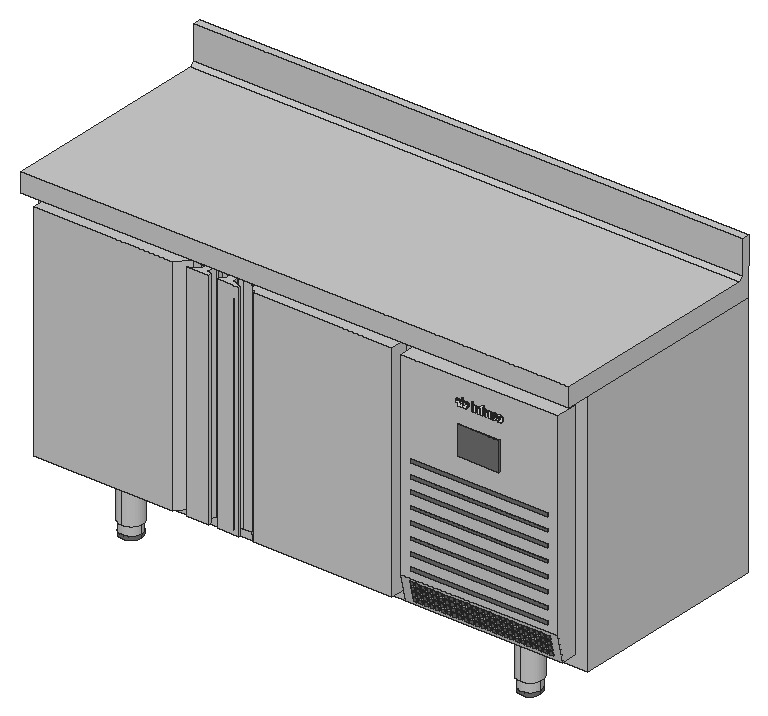
Revit family "QF_INFRICO_BMPP1500II_250808034103", category Specialty Equipment, Revit 2021
Family settings
  Round Connector Dimension = Use Diameter
  Part Type = Normal
  OmniClass Number = 23.40.40.14
  OmniClass Title = Food Service Equipment
  Work Plane-Based = No
  Always vertical = Yes
  Cut with Voids When Loaded = No
  Shared = No
  Room Calculation Point = No
Parameters (values of type "BMPP1500II-R290")
  Weight [instance] = 107.00 kg
  Waste Water Discharge Temperature [instance] = 0 °C
  Waste Remarks [instance] = ""
  Warranty Start Date [instance] = ""
  Warranty Duration [instance] = ""
  Volts [instance] = 230 V
  Volt Free Conn [instance] = no
  URL Recommended Spares List [instance] = ""
  URL Manufacturer [instance] = ""
  URL Cutsheet [instance] = ""
  URL Critical Spares List [instance] = ""
  URL = "www.infrico.com"
  Technical Documentation [instance] = ""
  Tag Number [instance] = ""
  Status [instance] = ""
  Start Up Current [instance] = 0 A
  Specification by User [instance] = ""
  Specification by Manufacturer [instance] = ""
  Sound Level [instance] = ""
  Show Logo [instance] = yes
  Show Clearances [instance] = yes
  Service Life Duration [instance] = ""
  Serial Number [instance] = ""
  Seismic Rating [instance] = ""
  SMACNA No [instance] = ""
  Revision Code [instance] = ""
  Revision [instance] = ""
  Production Year [instance] = ""
  Potential Equalisation [instance] = no
  Point Load [instance] = 0
  Plumbing Connection Type [instance] = ""
  Phase [instance] = 1
  Other Equipment Approvals [instance] = ""
  Operational Current [instance] = 0 A
  Number of Poles [instance] = 2
  No Load Power Draw [instance] = no
  NAFEM Spec ID Number [instance] = ""
  Model Warning [instance] = ""
  Model = "BMPP1500II"
  Min Ckt Ampacity [instance] = 0 A
  Max Overcurrent Protection [instance] = 0 A
  Masterspec [instance] = ""
  Manufacturer = "INFRICO"
  Main switch integrated [instance] = no
  Length Actual [instance] = 1468 mm
  Item Number [instance] = ""
  Installed By [instance] = ""
  Installation Date [instance] = ""
  Indirect Waste Size [instance] = 19.05 mm
  Indirect Waste Remarks [instance] = ""
  Indirect Waste Flow [instance] = 0.0 L/s
  Indirect Waste Connection Type [instance] = ""
  Indirect Waste Connection Height [instance] = 0 mm
  Identify Quantity as Lot [instance] = no
  ID [instance] = ""
  Hygiene Approval [instance] = ""
  Height Actual [instance] = 850 mm
  HP power [instance] = ""
  Furnished By [instance] = ""
  Foodservice Equipment Identifier [instance] = no
  FL Amps [instance] = 0 A
  Electrical Remarks [instance] = ""
  Electric power [instance] = 190 W
  Electric Connection Type [instance] = ""
  Elec Conn RI Height [instance] = 0 mm
  Elec Conn Connection Height [instance] = 0 mm
  ETL Approved [instance] = no
  Direct Waste Water Discharge Temperature [instance] = -273.15 °C
  Direct Waste Size [instance] = 19.05 mm
  Direct Waste RI Height [instance] = 0 mm
  Direct Waste Flow [instance] = 0.0 L/s
  Direct Waste Connection Height [instance] = 0 mm
  Description = "UNDERCOUNTER REFRIGERATOR 600 SERIES - R290"
  Depth Actual [instance] = 600 mm
  Default Elevation = 0 mm
  Cycle [instance] = 50 Hz
  Cost = 0
  Connection to energy optimisation system [instance] = yes
  Conn Plug [instance] = ""
  Conn Conduit [instance] = no
  Centralized building control system with digital interface [instance] = ""
  CSI MasterFormat [instance] = ""
  CE Approved [instance] = no
  Barcode [instance] = 0
  Author [instance] = ""
  Asset Identifier [instance] = ""
  Apparent Power [instance] = 190 VA
  Accessory [instance] = no
Reference planes
  plane 1 "Center (Front/Back)": y = 0
  plane 2: z = 0
  plane 3 "Center (Left/Right)": x = 0
Forms (mm)
  Extrusion 1, solid, not visible
    sketch origin (540.026, -112.005, 142.007) x (1, 0, 0) y (0, 1, 0)
      loop
        line (-2, 2) -> (-2, -2) -> (2, -2) -> (2, 2) -> (-2, 2)
    from -2 to 2
  Extrusion 2, solid, not visible
    sketch origin (1406.569, -61.503, 142.007) x (1, 0, 0) y (0, 1, 0)
      loop
        line (-2, 2) -> (-2, -2) -> (2, -2) -> (2, 2) -> (-2, 2)
    from -2 to 2
Dimensions and locks
  locked: nested 2 to Extrusion 1 at 2  (x2)
  locked: nested 3 to Extrusion 2 at 2  (x2)
  aligned and locked: level to plane 2
Nested families
  nested 1: "QF_INFRICO_BMPP1500_2920" at (0, 0, 140), type "BMPP1500II-R290"
    with Weight 107.00 kg, Warranty Start Date "", Warranty Duration "", URL Cutsheet "", Technical Documentation "", Tag Number "", Status "", Specification by User "", Specification by Manufacturer "", Sound Level "", Solid Fuel Type "", Show Logo yes, Show Clearances yes, Show Clearance yes, Service Life Duration "", Serial Number "", Seismic Rating "", SMACNA No "", Revision Code "", Revision "", Production Year "", Point Load 0, Other Equipment Approvals "", NAFEM Spec ID Number "", Model Warning "", Masterspec "", Length Actual 1468 mm, Item Number "", Installed By "", Installation Date "", Identify Quantity as Lot yes, ID "", Hygiene Approval "", Height Actual 850 mm, Furnished By "", Foodservice Equipment Identifier yes, ETL Approved yes, Depth Actual 600 mm, CSI MasterFormat "", CE Approved no, Barcode "", Author "", Asset Identifier "", Accessory no
  nested 2: "CONN_POINT_DRAIN_2D___Generic_Annotation" at (540.026, -112.005, 140.007), type "CONN_POINT_DRAIN_2D___Generic_Annotation"
    with Onboard connection annotation symbol visibility yes
  nested 3: "CONN_POINT_ELE_2D___Generic_Annotation" at (1406.569, -61.503, 140.007), type "CONN_POINT_ELE_2D___Generic_Annotation"
    with Onboard connection annotation symbol visibility yes
  nested 4: "QF_INFRICO_BMGN_DOOR_SX_4844" at (22, -538, 168), type "BMGN_DOOR_SX"
    with Weight 0.00 kg, Warranty Start Date "", Warranty Duration "", URL Cutsheet "", Technical Documentation "", Tag Number "", Status "", Specification by User "", Specification by Manufacturer "", Sound Level "", Solid Fuel Type "", Show Logo yes, Show Clearances yes, Show Clearance yes, Service Life Duration "", Serial Number "", Seismic Rating "", SMACNA No "", Revision Code "", Revision "", Production Year "", Point Load 0, Other Equipment Approvals "", NAFEM Spec ID Number "", Model Warning "", Masterspec "", Length Actual 467 mm, Item Number "", Installed By "", Installation Date "", Identify Quantity as Lot yes, ID "", Hygiene Approval "", Height Actual 597 mm, Furnished By "", Foodservice Equipment Identifier yes, ETL Approved yes, Depth Actual 54 mm, CSI MasterFormat "", CE Approved no, Barcode "", Author "", Asset Identifier "", Accessory yes
  nested 5: "QF_INFRICO_BMGN_DOOR_DX_5625" at (514, -538, 168), type "BMGN_DOOR_DX"
    with Weight 0.00 kg, Warranty Start Date "", Warranty Duration "", URL Cutsheet "", Technical Documentation "", Tag Number "", Status "", Specification by User "", Specification by Manufacturer "", Sound Level "", Solid Fuel Type "", Show Logo yes, Show Clearances yes, Show Clearance yes, Service Life Duration "", Serial Number "", Seismic Rating "", SMACNA No "", Revision Code "", Revision "", Production Year "", Point Load 0, Other Equipment Approvals "", NAFEM Spec ID Number "", Model Warning "", Masterspec "", Length Actual 467 mm, Item Number "", Installed By "", Installation Date "", Identify Quantity as Lot yes, ID "", Hygiene Approval "", Height Actual 597 mm, Furnished By "", Foodservice Equipment Identifier yes, ETL Approved yes, Depth Actual 54 mm, CSI MasterFormat "", CE Approved no, Barcode "", Author "", Asset Identifier "", Accessory yes
  nested 6: "QF_INFRICO_WORKTOP_BACKSPLASH_6402" at (0, 0, 800), type "ENC12CPBM15"
    with Weight 0.00 kg, Warranty Start Date "", Warranty Duration "", URL Cutsheet "", Technical Documentation "", Tag Number "", Status "", Specification by User "", Specification by Manufacturer "", Sound Level "", Solid Fuel Type "", Show Logo yes, Show Clearances yes, Show Clearance yes, Service Life Duration "", Serial Number "", Seismic Rating "", SMACNA No "", Revision Code "", Revision "", Production Year "", Point Load 0, Other Equipment Approvals "", NAFEM Spec ID Number "", Model Warning "", Masterspec "", Length Actual 1468 mm, Item Number "", Installed By "", Installation Date "", Identify Quantity as Lot yes, ID "", Hygiene Approval "", Height Actual 150 mm, Furnished By "", Foodservice Equipment Identifier yes, ETL Approved yes, Depth Actual 600 mm, CSI MasterFormat "", CE Approved no, Barcode "", Author "", Asset Identifier "", Accessory yes
  nested 7: "QF_INFRICO_LEGS_7238" at (0, 0, 0), type "LEGS_1470_600"
    with Weight 0.00 kg, Warranty Start Date "", Warranty Duration "", URL Cutsheet "", Technical Documentation "", Tag Number "", Status "", Specification by User "", Specification by Manufacturer "", Sound Level "", Solid Fuel Type "", Show Logo yes, Show Clearances yes, Show Clearance yes, Service Life Duration "", Serial Number "", Seismic Rating "", SMACNA No "", Revision Code "", Revision "", Production Year "", Point Load 0, Other Equipment Approvals "", NAFEM Spec ID Number "", Model Warning "", Masterspec "", Length Actual 1468 mm, Item Number "", Installed By "", Installation Date "", Identify Quantity as Lot yes, ID "", Hygiene Approval "", Height Actual 140 mm, Furnished By "", Foodservice Equipment Identifier yes, ETL Approved yes, Depth Actual 600 mm, CSI MasterFormat "", CE Approved no, Barcode "", Author "", Asset Identifier "", Accessory yes
Connectors
  piping at (540.026, -112.005, 140.007), diameter 19.05, driven by "Indirect Waste Size", driven by "Direct Waste Flow"
    settings: on Extrusion 1, index 1, connector inside diameter 609.6 mm, connector length 0 mm, flow factor 0, pipe flow 0.0 L/s, pressure drop 0.0 Pa, fitting loss kfactor 0, connector angle 0.00°, fixture units 0, engagement length 0 mm, angle of deflection 0.00°, flow configuration 1, flow direction 2, fitting loss method 0, system type 16, joint type 0, gender type 0, connector reference index -1, connector utility 0, adjustable connector no, is connector primary yes, connector description "Waste connection for BMPP1500II"
  electrical at (1406.569, -61.503, 140.007), driven by "Apparent Power", driven by "Number of Poles", driven by "Volts"
    settings: on Extrusion 2, index 2, voltage 230 V, apparent load 0 VA, apparent load phase1 190 VA, apparent load phase2 0 VA, apparent load phase3 0 VA, power factor 1, load classification "Other", number of poles 2, system type 31, power factor state 1, is connector primary yes, connector utility no, sub classification motor no, connector description "Electrical connection for BMPP1500II"
Definition of nested family "QF_INFRICO_BMPP1500_2920"
  Parameters (values of type "BMPP1500BT")
    Weight [instance] = 0.00 kg
    Warranty Start Date [instance] = ""
    Warranty Duration [instance] = ""
    URL Cutsheet [instance] = ""
    URL = "www.infrico.com"
    Technical Documentation [instance] = ""
    Tag Number [instance] = ""
    Status [instance] = ""
    Specification by User [instance] = ""
    Specification by Manufacturer [instance] = ""
    Sound Level [instance] = ""
    Solid Fuel Type [instance] = ""
    Show Logo [instance] = yes
    Show Clearances [instance] = yes
    Show Clearance [instance] = yes
    Service Life Duration [instance] = ""
    Serial Number [instance] = ""
    Seismic Rating [instance] = ""
    SMACNA No [instance] = ""
    Revision Code [instance] = ""
    Revision [instance] = ""
    Production Year [instance] = ""
    Point Load [instance] = 0
    Other Equipment Approvals [instance] = ""
    NAFEM Spec ID Number [instance] = ""
    Model Warning [instance] = ""
    Model = "BMPP1500BT"
    Masterspec [instance] = ""
    Manufacturer = "INFRICO"
    Length Actual [instance] = 0 mm
    Item Number [instance] = ""
    Installed By [instance] = ""
    Installation Date [instance] = ""
    Identify Quantity as Lot [instance] = yes
    ID [instance] = ""
    Hygiene Approval [instance] = ""
    Height Actual [instance] = 0 mm
    Furnished By [instance] = ""
    Foodservice Equipment Identifier [instance] = yes
    ETL Approved [instance] = yes
    Description = "UNDERCOUNTER FREEZER 600 SERIES - R290"
    Depth Actual [instance] = 0 mm
    Default Elevation = 0 mm
    CSI MasterFormat [instance] = ""
    CE Approved [instance] = yes
    Barcode [instance] = ""
    Author [instance] = ""
    Asset Identifier [instance] = ""
    Assembly Code = "E1090320"
    Accessory [instance] = yes
  Types (6, lengths in mm): name | Model | Description
    BMPP1500II | "BMPP1500II" | "UNDERCOUNTER REFRIGERATOR 600 SERIES - R134A"
    BMPP1500BT | "BMPP1500BT" | "UNDERCOUNTER FREEZER 600 SERIES - R290"
    BMPP1500CR | "BMPP1500CR" | "GLASS DOOR UNDERCOUNTER REFRIGERATOR 600 SERIES - R134A"
    BMPPF1500II | "BMPPF1500II" | "SINK UNDERCOUNTER REFRIGERATOR 600 SERIES - R134A"
    BMPP1500II-R290 | "BMPP1500II" | "UNDERCOUNTER REFRIGERATOR 600 SERIES - R290"
    BMPPF1500II-R290 | "BMPPF1500II" | "SINK UNDERCOUNTER REFRIGERATOR 600 SERIES - R290"
  Reference planes
    plane 1 "Back": y = 0
    plane 2: z = 0
    plane 3 "Left": x = 0
    plane 4 "Right": x = 1468
    plane 5 "Front": y = -600
    plane 6 "Top": z = 660
  Forms (mm)
    Extrusion 1, solid
      sketch origin (0, 100, -140) x (0, 1, 0) y (0, 0, 1)
        loop
          line (-638.02, 765.292) -> (-695.03, 765.292) -> (-695.03, 238.436) -> (-678.769, 168) -> (-638.02, 168) -> (-638.02, 765.292)
      from 1013.993 to 1433.993
    Extrusion 2, solid
      sketch origin (-2000, -593.13, -140) x (1, 0, 0) y (0, 0, 1)
        loop
          line (3408.016, 523.949) -> (3040.73, 523.949) -> (3040.73, 514.949) -> (3408.016, 514.949) -> (3408.016, 523.949)
        loop
          line (3408.016, 486.949) -> (3040.73, 486.949) -> (3040.73, 477.949) -> (3408.016, 477.949) -> (3408.016, 486.949)
        loop
          line (3408.016, 449.949) -> (3040.73, 449.949) -> (3040.73, 440.949) -> (3408.016, 440.949) -> (3408.016, 449.949)
        loop
          line (3408.016, 412.949) -> (3040.73, 412.949) -> (3040.73, 403.949) -> (3408.016, 403.949) -> (3408.016, 412.949)
        loop
          line (3408.016, 375.949) -> (3040.73, 375.949) -> (3040.73, 366.949) -> (3408.016, 366.949) -> (3408.016, 375.949)
        loop
          line (3408.016, 338.949) -> (3040.73, 338.949) -> (3040.73, 329.949) -> (3408.016, 329.949) -> (3408.016, 338.949)
        loop
          line (3408.016, 301.949) -> (3040.73, 301.949) -> (3040.73, 292.949) -> (3408.016, 292.949) -> (3408.016, 301.949)
        loop
          line (3408.016, 264.949) -> (3040.73, 264.949) -> (3040.73, 255.949) -> (3408.016, 255.949) -> (3408.016, 264.949)
      from 0 to 2
    Extrusion 3, solid
      sketch origin (-2000, -539.263, -134.673) x (1, 0, 0) y (0, -0.224951, 0.97437)
        loop
          line (3036.73, 215.974) -> (3036.73, 205.974) -> (3046.73, 205.974) -> (3046.73, 215.974) -> (3036.73, 215.974)
        loop
          line (3036.73, 230.769) -> (3036.73, 220.769) -> (3046.73, 220.769) -> (3046.73, 230.769) -> (3036.73, 230.769)
        loop
          line (3036.73, 186.385) -> (3036.73, 176.385) -> (3046.73, 176.385) -> (3046.73, 186.385) -> (3036.73, 186.385)
        loop
          line (3036.73, 201.179) -> (3036.73, 191.179) -> (3046.73, 191.179) -> (3046.73, 201.179) -> (3036.73, 201.179)
        loop
          line (3051.938, 215.974) -> (3051.938, 205.974) -> (3061.938, 205.974) -> (3061.938, 215.974) -> (3051.938, 215.974)
        loop
          line (3051.938, 230.769) -> (3051.938, 220.769) -> (3061.938, 220.769) -> (3061.938, 230.769) -> (3051.938, 230.769)
        loop
          line (3051.938, 186.385) -> (3051.938, 176.385) -> (3061.938, 176.385) -> (3061.938, 186.385) -> (3051.938, 186.385)
        loop
          line (3051.938, 201.179) -> (3051.938, 191.179) -> (3061.938, 191.179) -> (3061.938, 201.179) -> (3051.938, 201.179)
        loop
          line (3067.147, 215.974) -> (3067.147, 205.974) -> (3077.147, 205.974) -> (3077.147, 215.974) -> (3067.147, 215.974)
        loop
          line (3067.147, 230.769) -> (3067.147, 220.769) -> (3077.147, 220.769) -> (3077.147, 230.769) -> (3067.147, 230.769)
        loop
          line (3067.147, 186.385) -> (3067.147, 176.385) -> (3077.147, 176.385) -> (3077.147, 186.385) -> (3067.147, 186.385)
        loop
          line (3067.147, 201.179) -> (3067.147, 191.179) -> (3077.147, 191.179) -> (3077.147, 201.179) -> (3067.147, 201.179)
        loop
          line (3082.355, 215.974) -> (3082.355, 205.974) -> (3092.355, 205.974) -> (3092.355, 215.974) -> (3082.355, 215.974)
        loop
          line (3082.355, 230.769) -> (3082.355, 220.769) -> (3092.355, 220.769) -> (3092.355, 230.769) -> (3082.355, 230.769)
        loop
          line (3082.355, 186.385) -> (3082.355, 176.385) -> (3092.355, 176.385) -> (3092.355, 186.385) -> (3082.355, 186.385)
        loop
          line (3082.355, 201.179) -> (3082.355, 191.179) -> (3092.355, 191.179) -> (3092.355, 201.179) -> (3082.355, 201.179)
        loop
          line (3097.563, 215.974) -> (3097.563, 205.974) -> (3107.563, 205.974) -> (3107.563, 215.974) -> (3097.563, 215.974)
        loop
          line (3097.563, 230.769) -> (3097.563, 220.769) -> (3107.563, 220.769) -> (3107.563, 230.769) -> (3097.563, 230.769)
        loop
          line (3097.563, 186.385) -> (3097.563, 176.385) -> (3107.563, 176.385) -> (3107.563, 186.385) -> (3097.563, 186.385)
        loop
          line (3097.563, 201.179) -> (3097.563, 191.179) -> (3107.563, 191.179) -> (3107.563, 201.179) -> (3097.563, 201.179)
        loop
          line (3112.772, 215.974) -> (3112.772, 205.974) -> (3122.772, 205.974) -> (3122.772, 215.974) -> (3112.772, 215.974)
        loop
          line (3112.772, 230.769) -> (3112.772, 220.769) -> (3122.772, 220.769) -> (3122.772, 230.769) -> (3112.772, 230.769)
        loop
          line (3112.772, 186.385) -> (3112.772, 176.385) -> (3122.772, 176.385) -> (3122.772, 186.385) -> (3112.772, 186.385)
        loop
          line (3112.772, 201.179) -> (3112.772, 191.179) -> (3122.772, 191.179) -> (3122.772, 201.179) -> (3112.772, 201.179)
        loop
          line (3127.98, 215.974) -> (3127.98, 205.974) -> (3137.98, 205.974) -> (3137.98, 215.974) -> (3127.98, 215.974)
        loop
          line (3127.98, 230.769) -> (3127.98, 220.769) -> (3137.98, 220.769) -> (3137.98, 230.769) -> (3127.98, 230.769)
        loop
          line (3127.98, 186.385) -> (3127.98, 176.385) -> (3137.98, 176.385) -> (3137.98, 186.385) -> (3127.98, 186.385)
        loop
          line (3127.98, 201.179) -> (3127.98, 191.179) -> (3137.98, 191.179) -> (3137.98, 201.179) -> (3127.98, 201.179)
        loop
          line (3143.188, 215.974) -> (3143.188, 205.974) -> (3153.188, 205.974) -> (3153.188, 215.974) -> (3143.188, 215.974)
        loop
          line (3143.188, 230.769) -> (3143.188, 220.769) -> (3153.188, 220.769) -> (3153.188, 230.769) -> (3143.188, 230.769)
        loop
          line (3143.188, 186.385) -> (3143.188, 176.385) -> (3153.188, 176.385) -> (3153.188, 186.385) -> (3143.188, 186.385)
        loop
          line (3143.188, 201.179) -> (3143.188, 191.179) -> (3153.188, 191.179) -> (3153.188, 201.179) -> (3143.188, 201.179)
        loop
          line (3158.397, 215.974) -> (3158.397, 205.974) -> (3168.397, 205.974) -> (3168.397, 215.974) -> (3158.397, 215.974)
        loop
          line (3158.397, 230.769) -> (3158.397, 220.769) -> (3168.397, 220.769) -> (3168.397, 230.769) -> (3158.397, 230.769)
        loop
          line (3158.397, 186.385) -> (3158.397, 176.385) -> (3168.397, 176.385) -> (3168.397, 186.385) -> (3158.397, 186.385)
        loop
          line (3158.397, 201.179) -> (3158.397, 191.179) -> (3168.397, 191.179) -> (3168.397, 201.179) -> (3158.397, 201.179)
        loop
          line (3173.605, 215.974) -> (3173.605, 205.974) -> (3183.605, 205.974) -> (3183.605, 215.974) -> (3173.605, 215.974)
        loop
          line (3173.605, 230.769) -> (3173.605, 220.769) -> (3183.605, 220.769) -> (3183.605, 230.769) -> (3173.605, 230.769)
        loop
          line (3173.605, 186.385) -> (3173.605, 176.385) -> (3183.605, 176.385) -> (3183.605, 186.385) -> (3173.605, 186.385)
        loop
          line (3173.605, 201.179) -> (3173.605, 191.179) -> (3183.605, 191.179) -> (3183.605, 201.179) -> (3173.605, 201.179)
        loop
          line (3188.813, 215.974) -> (3188.813, 205.974) -> (3198.813, 205.974) -> (3198.813, 215.974) -> (3188.813, 215.974)
        loop
          line (3188.813, 230.769) -> (3188.813, 220.769) -> (3198.813, 220.769) -> (3198.813, 230.769) -> (3188.813, 230.769)
        loop
          line (3188.813, 186.385) -> (3188.813, 176.385) -> (3198.813, 176.385) -> (3198.813, 186.385) -> (3188.813, 186.385)
        loop
          line (3188.813, 201.179) -> (3188.813, 191.179) -> (3198.813, 191.179) -> (3198.813, 201.179) -> (3188.813, 201.179)
        loop
          line (3204.022, 215.974) -> (3204.022, 205.974) -> (3214.022, 205.974) -> (3214.022, 215.974) -> (3204.022, 215.974)
        loop
          line (3204.022, 230.769) -> (3204.022, 220.769) -> (3214.022, 220.769) -> (3214.022, 230.769) -> (3204.022, 230.769)
        loop
          line (3204.022, 186.385) -> (3204.022, 176.385) -> (3214.022, 176.385) -> (3214.022, 186.385) -> (3204.022, 186.385)
        loop
          line (3204.022, 201.179) -> (3204.022, 191.179) -> (3214.022, 191.179) -> (3214.022, 201.179) -> (3204.022, 201.179)
        loop
          line (3219.23, 215.974) -> (3219.23, 205.974) -> (3229.23, 205.974) -> (3229.23, 215.974) -> (3219.23, 215.974)
        loop
          line (3219.23, 230.769) -> (3219.23, 220.769) -> (3229.23, 220.769) -> (3229.23, 230.769) -> (3219.23, 230.769)
        loop
          line (3219.23, 186.385) -> (3219.23, 176.385) -> (3229.23, 176.385) -> (3229.23, 186.385) -> (3219.23, 186.385)
        loop
          line (3219.23, 201.179) -> (3219.23, 191.179) -> (3229.23, 191.179) -> (3229.23, 201.179) -> (3219.23, 201.179)
        loop
          line (3234.438, 215.974) -> (3234.438, 205.974) -> (3244.438, 205.974) -> (3244.438, 215.974) -> (3234.438, 215.974)
        loop
          line (3234.438, 230.769) -> (3234.438, 220.769) -> (3244.438, 220.769) -> (3244.438, 230.769) -> (3234.438, 230.769)
        loop
          line (3234.438, 186.385) -> (3234.438, 176.385) -> (3244.438, 176.385) -> (3244.438, 186.385) -> (3234.438, 186.385)
        loop
          line (3234.438, 201.179) -> (3234.438, 191.179) -> (3244.438, 191.179) -> (3244.438, 201.179) -> (3234.438, 201.179)
        loop
          line (3249.647, 215.974) -> (3249.647, 205.974) -> (3259.647, 205.974) -> (3259.647, 215.974) -> (3249.647, 215.974)
        loop
          line (3249.647, 230.769) -> (3249.647, 220.769) -> (3259.647, 220.769) -> (3259.647, 230.769) -> (3249.647, 230.769)
        loop
          line (3249.647, 186.385) -> (3249.647, 176.385) -> (3259.647, 176.385) -> (3259.647, 186.385) -> (3249.647, 186.385)
        loop
          line (3249.647, 201.179) -> (3249.647, 191.179) -> (3259.647, 191.179) -> (3259.647, 201.179) -> (3249.647, 201.179)
        loop
          line (3264.855, 215.974) -> (3264.855, 205.974) -> (3274.855, 205.974) -> (3274.855, 215.974) -> (3264.855, 215.974)
        loop
          line (3264.855, 230.769) -> (3264.855, 220.769) -> (3274.855, 220.769) -> (3274.855, 230.769) -> (3264.855, 230.769)
        loop
          line (3264.855, 186.385) -> (3264.855, 176.385) -> (3274.855, 176.385) -> (3274.855, 186.385) -> (3264.855, 186.385)
        loop
          line (3264.855, 201.179) -> (3264.855, 191.179) -> (3274.855, 191.179) -> (3274.855, 201.179) -> (3264.855, 201.179)
        loop
          line (3280.063, 215.974) -> (3280.063, 205.974) -> (3290.063, 205.974) -> (3290.063, 215.974) -> (3280.063, 215.974)
        loop
          line (3280.063, 230.769) -> (3280.063, 220.769) -> (3290.063, 220.769) -> (3290.063, 230.769) -> (3280.063, 230.769)
        loop
          line (3280.063, 186.385) -> (3280.063, 176.385) -> (3290.063, 176.385) -> (3290.063, 186.385) -> (3280.063, 186.385)
        loop
          line (3280.063, 201.179) -> (3280.063, 191.179) -> (3290.063, 191.179) -> (3290.063, 201.179) -> (3280.063, 201.179)
        loop
          line (3295.272, 215.974) -> (3295.272, 205.974) -> (3305.272, 205.974) -> (3305.272, 215.974) -> (3295.272, 215.974)
        loop
          line (3295.272, 230.769) -> (3295.272, 220.769) -> (3305.272, 220.769) -> (3305.272, 230.769) -> (3295.272, 230.769)
        loop
          line (3295.272, 186.385) -> (3295.272, 176.385) -> (3305.272, 176.385) -> (3305.272, 186.385) -> (3295.272, 186.385)
        loop
          line (3295.272, 201.179) -> (3295.272, 191.179) -> (3305.272, 191.179) -> (3305.272, 201.179) -> (3295.272, 201.179)
        loop
          line (3310.48, 215.974) -> (3310.48, 205.974) -> (3320.48, 205.974) -> (3320.48, 215.974) -> (3310.48, 215.974)
        loop
          line (3310.48, 230.769) -> (3310.48, 220.769) -> (3320.48, 220.769) -> (3320.48, 230.769) -> (3310.48, 230.769)
        loop
          line (3310.48, 186.385) -> (3310.48, 176.385) -> (3320.48, 176.385) -> (3320.48, 186.385) -> (3310.48, 186.385)
        loop
          line (3310.48, 201.179) -> (3310.48, 191.179) -> (3320.48, 191.179) -> (3320.48, 201.179) -> (3310.48, 201.179)
        loop
          line (3325.688, 215.974) -> (3325.688, 205.974) -> (3335.688, 205.974) -> (3335.688, 215.974) -> (3325.688, 215.974)
        loop
          line (3325.688, 230.769) -> (3325.688, 220.769) -> (3335.688, 220.769) -> (3335.688, 230.769) -> (3325.688, 230.769)
        loop
          line (3325.688, 186.385) -> (3325.688, 176.385) -> (3335.688, 176.385) -> (3335.688, 186.385) -> (3325.688, 186.385)
        loop
          line (3325.688, 201.179) -> (3325.688, 191.179) -> (3335.688, 191.179) -> (3335.688, 201.179) -> (3325.688, 201.179)
        loop
          line (3340.897, 215.974) -> (3340.897, 205.974) -> (3350.897, 205.974) -> (3350.897, 215.974) -> (3340.897, 215.974)
        loop
          line (3340.897, 230.769) -> (3340.897, 220.769) -> (3350.897, 220.769) -> (3350.897, 230.769) -> (3340.897, 230.769)
        loop
          line (3340.897, 186.385) -> (3340.897, 176.385) -> (3350.897, 176.385) -> (3350.897, 186.385) -> (3340.897, 186.385)
        loop
          line (3340.897, 201.179) -> (3340.897, 191.179) -> (3350.897, 191.179) -> (3350.897, 201.179) -> (3340.897, 201.179)
        loop
          line (3356.105, 215.974) -> (3356.105, 205.974) -> (3366.105, 205.974) -> (3366.105, 215.974) -> (3356.105, 215.974)
        loop
          line (3356.105, 230.769) -> (3356.105, 220.769) -> (3366.105, 220.769) -> (3366.105, 230.769) -> (3356.105, 230.769)
        loop
          line (3356.105, 186.385) -> (3356.105, 176.385) -> (3366.105, 176.385) -> (3366.105, 186.385) -> (3356.105, 186.385)
        loop
          line (3356.105, 201.179) -> (3356.105, 191.179) -> (3366.105, 191.179) -> (3366.105, 201.179) -> (3356.105, 201.179)
        loop
          line (3371.313, 215.974) -> (3371.313, 205.974) -> (3381.313, 205.974) -> (3381.313, 215.974) -> (3371.313, 215.974)
        loop
          line (3371.313, 230.769) -> (3371.313, 220.769) -> (3381.313, 220.769) -> (3381.313, 230.769) -> (3371.313, 230.769)
        loop
          line (3371.313, 186.385) -> (3371.313, 176.385) -> (3381.313, 176.385) -> (3381.313, 186.385) -> (3371.313, 186.385)
        loop
          line (3371.313, 201.179) -> (3371.313, 191.179) -> (3381.313, 191.179) -> (3381.313, 201.179) -> (3371.313, 201.179)
        loop
          line (3386.522, 215.974) -> (3386.522, 205.974) -> (3396.522, 205.974) -> (3396.522, 215.974) -> (3386.522, 215.974)
        loop
          line (3386.522, 230.769) -> (3386.522, 220.769) -> (3396.522, 220.769) -> (3396.522, 230.769) -> (3386.522, 230.769)
        loop
          line (3386.522, 186.385) -> (3386.522, 176.385) -> (3396.522, 176.385) -> (3396.522, 186.385) -> (3386.522, 186.385)
        loop
          line (3386.522, 201.179) -> (3386.522, 191.179) -> (3396.522, 191.179) -> (3396.522, 201.179) -> (3386.522, 201.179)
        loop
          line (3401.73, 215.974) -> (3401.73, 205.974) -> (3411.73, 205.974) -> (3411.73, 215.974) -> (3401.73, 215.974)
        loop
          line (3401.73, 230.769) -> (3401.73, 220.769) -> (3411.73, 220.769) -> (3411.73, 230.769) -> (3401.73, 230.769)
        loop
          line (3401.73, 186.385) -> (3401.73, 176.385) -> (3411.73, 176.385) -> (3411.73, 186.385) -> (3401.73, 186.385)
        loop
          line (3401.73, 201.179) -> (3401.73, 191.179) -> (3411.73, 191.179) -> (3411.73, 201.179) -> (3401.73, 201.179)
      from 0 to 2
    Extrusion 4, solid, visible <- "Show Logo"
      sketch origin (-0.986, -593.13, -140) x (1, 0, 0) y (0, 0, 1)
        loop
          line (1208.799, 696.53) -> (1208.799, 719.204) -> (1204.173, 719.204) -> (1204.173, 696.53) -> (1208.799, 696.53)
        loop
          line (1214.779, 713.006) -> (1211.283, 713.006) -> (1211.283, 696.53) -> (1215.772, 696.53) -> (1215.772, 707.832)
          arc (1215.772, 707.832) -> (1217.528, 708.741) -> (1219.417, 709.324) r 11.052
          arc (1219.417, 709.324) -> (1220.929, 708.961) -> (1221.598, 707.557) r 1.806
          line (1221.598, 707.557) -> (1221.598, 696.53) -> (1226.121, 696.53) -> (1226.121, 708.689)
          arc (1226.121, 708.689) -> (1224.637, 712.075) -> (1221.141, 713.281) r 4.607
          arc (1221.141, 713.281) -> (1218.282, 712.674) -> (1215.669, 711.361) r 11.435
          line (1215.669, 711.361) -> (1215.601, 712.184)
          arc (1215.601, 712.184) -> (1215.36, 712.765) -> (1214.779, 713.006) r 0.822
        loop
          line (1238.557, 720.102) -> (1237.306, 720.102)
          arc (1237.306, 720.102) -> (1235.052, 719.926) -> (1232.881, 719.297) r 11.103
          arc (1232.881, 719.297) -> (1230.805, 717.616) -> (1230.024, 715.062) r 4.567
          line (1230.024, 715.062) -> (1230.024, 712.909) -> (1227.351, 712.703) -> (1227.351, 709.374) -> (1230.024, 709.374) -> (1230.024, 696.53) -> (1234.547, 696.53) -> (1234.547, 709.374) -> (1238.249, 709.374) -> (1238.249, 712.938) -> (1234.547, 712.938) -> (1234.547, 714.548)
          arc (1234.547, 714.548) -> (1234.956, 715.705) -> (1236.045, 716.271) r 1.67
          line (1236.045, 716.271) -> (1237.7, 716.399)
          arc (1237.7, 716.399) -> (1238.306, 716.65) -> (1238.557, 717.255) r 0.857
          line (1238.557, 717.255) -> (1238.557, 720.102)
        loop
          line (1239.479, 713.006) -> (1239.479, 696.53) -> (1243.968, 696.53) -> (1243.968, 707.352)
          arc (1243.968, 707.352) -> (1245.873, 708.631) -> (1248.077, 709.268) r 7.435
          line (1248.077, 709.268) -> (1249.241, 709.416)
          arc (1249.241, 709.416) -> (1249.643, 709.758) -> (1249.793, 710.265) r 0.928
          line (1249.793, 710.265) -> (1249.793, 712.458)
          arc (1249.793, 712.458) -> (1249.531, 713.061) -> (1248.912, 713.28) r 0.824
          arc (1248.912, 713.28) -> (1246.197, 712.588) -> (1243.899, 710.984) r 7.833
          line (1243.899, 710.984) -> (1243.726, 713.006) -> (1239.479, 713.006)
        loop
          line (1255.495, 696.53) -> (1255.495, 713.006) -> (1251.006, 713.006) -> (1251.006, 696.53) -> (1255.495, 696.53)
        loop
          arc (1257.421, 701.327) -> (1258.567, 698.188) -> (1261.466, 696.525) r 4.873
          arc (1261.466, 696.525) -> (1264.493, 696.266) -> (1267.521, 696.525) r 17.816
          arc (1267.521, 696.525) -> (1270.575, 699.134) -> (1271.505, 703.041) r 6.481
          line (1271.505, 703.041) -> (1267.187, 703.041) -> (1267.187, 701.67)
          arc (1267.187, 701.67) -> (1266.64, 700.452) -> (1265.442, 699.865) r 1.965
          arc (1265.442, 699.865) -> (1264.547, 699.816) -> (1263.653, 699.865) r 8.196
          arc (1263.653, 699.865) -> (1262.417, 700.415) -> (1261.91, 701.67) r 1.806
          line (1261.91, 701.67) -> (1261.91, 707.9)
          arc (1261.91, 707.9) -> (1262.417, 709.155) -> (1263.653, 709.705) r 1.806
          arc (1263.653, 709.705) -> (1264.547, 709.754) -> (1265.442, 709.705) r 8.196
          arc (1265.442, 709.705) -> (1266.64, 709.118) -> (1267.187, 707.9) r 1.965
          line (1267.187, 707.9) -> (1267.187, 706.838) -> (1271.505, 706.838)
          arc (1271.505, 706.838) -> (1270.524, 710.556) -> (1267.521, 712.959) r 6.132
          arc (1267.521, 712.959) -> (1264.493, 713.294) -> (1261.466, 712.959) r 13.851
          arc (1261.466, 712.959) -> (1258.571, 711.349) -> (1257.421, 708.243) r 4.772
          line (1257.421, 708.243) -> (1257.421, 701.327)
        loop
          arc (1272.916, 701.329) -> (1273.993, 698.345) -> (1276.726, 696.734) r 4.676
          arc (1276.726, 696.734) -> (1278.515, 696.455) -> (1280.318, 696.291) r 28.371
          arc (1280.318, 696.291) -> (1282.122, 696.455) -> (1283.911, 696.734) r 28.371
          arc (1283.911, 696.734) -> (1286.644, 698.345) -> (1287.72, 701.329) r 4.676
          line (1287.72, 701.329) -> (1287.72, 708.242)
          arc (1287.72, 708.242) -> (1286.644, 711.226) -> (1283.911, 712.837) r 4.676
          arc (1283.911, 712.837) -> (1282.122, 713.116) -> (1280.318, 713.28) r 28.371
          arc (1280.318, 713.28) -> (1278.515, 713.116) -> (1276.726, 712.837) r 28.371
          arc (1276.726, 712.837) -> (1273.993, 711.226) -> (1272.916, 708.242) r 4.676
          line (1272.916, 708.242) -> (1272.916, 701.329)
        loop
          line (1277.405, 707.866) -> (1277.405, 701.705)
          arc (1277.405, 701.705) -> (1277.844, 700.556) -> (1278.936, 699.991) r 1.725
          arc (1278.936, 699.991) -> (1279.627, 699.918) -> (1280.318, 699.856) r 46.133
          arc (1280.318, 699.856) -> (1281.01, 699.918) -> (1281.701, 699.991) r 46.133
          arc (1281.701, 699.991) -> (1282.793, 700.556) -> (1283.231, 701.705) r 1.725
          line (1283.231, 701.705) -> (1283.231, 707.866)
          arc (1283.231, 707.866) -> (1282.793, 709.015) -> (1281.701, 709.58) r 1.725
          arc (1281.701, 709.58) -> (1281.01, 709.653) -> (1280.318, 709.716) r 46.133
          arc (1280.318, 709.716) -> (1279.627, 709.653) -> (1278.936, 709.58) r 46.133
          arc (1278.936, 709.58) -> (1277.844, 709.015) -> (1277.405, 707.866) r 1.725
        loop
          arc (1190.339, 696.543) -> (1191.411, 696.987) -> (1191.856, 698.059) r 1.516
          line (1191.856, 698.059) -> (1191.856, 703.891) -> (1196.035, 703.891)
          arc (1196.035, 703.891) -> (1196.79, 704.121) -> (1197.218, 704.782) r 1.147
          line (1197.218, 704.782) -> (1197.218, 706.211)
          arc (1197.218, 706.211) -> (1196.787, 707.258) -> (1195.719, 707.634) r 1.385
          line (1195.719, 707.634) -> (1194.52, 707.634) -> (1197.218, 710.332)
          arc (1197.218, 710.332) -> (1197.605, 711.266) -> (1197.218, 712.2) r 1.321
          line (1197.218, 712.2) -> (1196.495, 712.923)
          arc (1196.495, 712.923) -> (1195.54, 713.338) -> (1194.558, 712.991) r 1.422
          line (1194.558, 712.991) -> (1191.853, 710.286) -> (1191.853, 711.479)
          arc (1191.853, 711.479) -> (1191.443, 712.516) -> (1190.435, 712.992) r 1.516
          line (1190.435, 712.992) -> (1189.514, 712.992)
          arc (1189.514, 712.992) -> (1188.511, 712.514) -> (1188.103, 711.479) r 1.516
          line (1188.103, 711.479) -> (1188.103, 706.83) -> (1182.073, 701.336) -> (1182.073, 707.509) -> (1185.639, 711.075)
          arc (1185.639, 711.075) -> (1186.053, 712.073) -> (1185.639, 713.071) r 1.412
          line (1185.639, 713.071) -> (1184.987, 713.723)
          arc (1184.987, 713.723) -> (1183.939, 714.141) -> (1182.915, 713.667) r 1.428
          line (1182.915, 713.667) -> (1182.073, 712.825) -> (1182.073, 717.784)
          arc (1182.073, 717.784) -> (1181.658, 718.787) -> (1180.655, 719.203) r 1.418
          line (1180.655, 719.203) -> (1179.726, 719.203)
          arc (1179.726, 719.203) -> (1178.723, 718.787) -> (1178.308, 717.784) r 1.418
          line (1178.308, 717.784) -> (1178.308, 712.825) -> (1177.466, 713.667)
          arc (1177.466, 713.667) -> (1176.442, 714.141) -> (1175.394, 713.723) r 1.428
          line (1175.394, 713.723) -> (1174.742, 713.071)
          arc (1174.742, 713.071) -> (1174.328, 712.073) -> (1174.742, 711.075) r 1.412
          line (1174.742, 711.075) -> (1178.308, 707.509) -> (1178.308, 701.336) -> (1172.278, 706.83) -> (1172.278, 711.479)
          arc (1172.278, 711.479) -> (1171.87, 712.514) -> (1170.867, 712.992) r 1.516
          line (1170.867, 712.992) -> (1169.946, 712.992)
          arc (1169.946, 712.992) -> (1168.938, 712.516) -> (1168.528, 711.479) r 1.516
          line (1168.528, 711.479) -> (1168.528, 710.286) -> (1165.823, 712.991)
          arc (1165.823, 712.991) -> (1164.841, 713.338) -> (1163.886, 712.923) r 1.422
          line (1163.886, 712.923) -> (1163.163, 712.2)
          arc (1163.163, 712.2) -> (1162.776, 711.266) -> (1163.163, 710.332) r 1.321
          line (1163.163, 710.332) -> (1165.861, 707.634) -> (1164.662, 707.634)
          arc (1164.662, 707.634) -> (1163.594, 707.258) -> (1163.163, 706.211) r 1.385
          line (1163.163, 706.211) -> (1163.163, 704.782)
          arc (1163.163, 704.782) -> (1163.591, 704.121) -> (1164.346, 703.891) r 1.147
          line (1164.346, 703.891) -> (1168.525, 703.891) -> (1168.525, 698.059)
          arc (1168.525, 698.059) -> (1168.969, 696.987) -> (1170.042, 696.543) r 1.516
          line (1170.042, 696.543) -> (1190.339, 696.543)
      from 0 to 2
    Extrusion 5, solid
      sketch origin (-0.986, 100, -140) x (1, 0, 0) y (0, 0, 1)
        loop
          line (1169.616, 654.3) -> (1169.616, 577.9) -> (1281.216, 577.9) -> (1281.216, 654.3) -> (1169.616, 654.3)
      from 695.03 to 698.23
    Extrusion 6, solid
      sketch origin (866.5, 58.5, 0) x (1, 0, 0) y (0, 1, 0)
        loop
          circle (540, -120) r 12.7
      from -5 to 0
    Extrusion 7, solid
      sketch origin (0, 0, 0) x (1, 0, 0) y (0, 1, 0)
        loop
          circle (540, -112) r 9.525
      from -5 to 0
    Extrusion 8, solid
      sketch origin (0, 0, 0) x (1, 0, 0) y (0, 1, 0)
        loop
          line (0, -538.02) -> (1468, -538.02) -> (1468, 0) -> (0, 0) -> (0, -538.02)
        loop
          line (60, -60) -> (60, -478.02) -> (1408, -478.02) -> (1408, -60) -> (60, -60)
      from 0 to 660
    Extrusion 9, solid
      sketch origin (0, 0, 0) x (1, 0, 0) y (0, 0, 1)
        loop
          line (60, 0) -> (1408, 0) -> (1408, 60) -> (60, 60) -> (60, 0)
      from 60 to 478.02
    Extrusion 10, void
      sketch origin (0, 0, 0) x (1, 0, 0) y (0, 0, 1)
        loop
          line (60, 600) -> (60, 60) -> (920, 60) -> (920, 600) -> (60, 600)
      from 60 to 538.02
    Extrusion 11, solid
      sketch origin (0, 100, 0) x (1, 0, 0) y (0, 1, 0)
        loop
          line (454, -638.02) -> (549, -638.02) -> (549, -628.02) -> (454, -628.02) -> (454, -638.02)
      from 60 to 600
  Cuts and joins
    Extrusion 10 cuts Extrusion 8
    Extrusion 10 cuts Extrusion 9
    joined: Extrusion 8, Extrusion 9
  Lines and regions (mm)
    symbolic lines, visible <- "Show Clearance"
      curve 1: line (1468, 0, 0) -> (0, 0, 0)
      curve 2: line (0, 0, 0) -> (0, -600, 0)
      curve 3: line (0, -600, 0) -> (1468, -600, 0)
      curve 4: line (1468, -600, 0) -> (1468, 0, 0)
  Dimensions and locks
    plane 4 "Right" to plane 3 "Left" = 1468 mm
    plane 6 "Top" to level = 660 mm
    plane 1 "Back" to plane 5 "Front" = 600 mm  (x2)
    plane 3 "Left" to plane 4 "Right" = 1468 mm
    aligned and locked: level to plane 2
  Connectors
    electrical at (1406.5, -61.5, -5)
      settings: on Extrusion 6, index 1, voltage 0 V, apparent load 0 VA, apparent load phase1 0 VA, apparent load phase2 0 VA, apparent load phase3 0 VA, power factor 1, load classification none, number of poles 1, system type 31, power factor state 1, is connector primary yes, connector utility no, sub classification motor no, connector description "Electrical collection"
    piping at (540, -112, -5), diameter 19.1
      settings: on Extrusion 7, index 2, connector inside diameter 609.6 mm, connector length 0 mm, flow factor 0, pipe flow 0.0 L/s, pressure drop 0.0 Pa, fitting loss kfactor 0, connector angle 0.00°, fixture units 0, engagement length 0 mm, angle of deflection 0.00°, flow configuration 1, flow direction 2, fitting loss method 0, system type 16, joint type 0, gender type 0, connector reference index -1, connector utility 0, adjustable connector no, is connector primary yes, connector description "Drain connection"
Definition of nested family "QF_INFRICO_BMGN_DOOR_SX_4844"
  Parameters (values of type "BMGN_DOOR_SX")
    Weight [instance] = 0.00 kg
    Warranty Start Date [instance] = ""
    Warranty Duration [instance] = ""
    URL Cutsheet [instance] = ""
    URL = "www.infrico.com"
    Technical Documentation [instance] = ""
    Tag Number [instance] = ""
    Status [instance] = ""
    Specification by User [instance] = ""
    Specification by Manufacturer [instance] = ""
    Sound Level [instance] = ""
    Solid Fuel Type [instance] = ""
    Show Logo [instance] = yes
    Show Clearances [instance] = yes
    Show Clearance [instance] = yes
    Service Life Duration [instance] = ""
    Serial Number [instance] = ""
    Seismic Rating [instance] = ""
    SMACNA No [instance] = ""
    Revision Code [instance] = ""
    Revision [instance] = ""
    Production Year [instance] = ""
    Point Load [instance] = 0
    Other Equipment Approvals [instance] = ""
    NAFEM Spec ID Number [instance] = ""
    Model Warning [instance] = ""
    Model = "BMGN_DOOR_SX"
    Masterspec [instance] = ""
    Manufacturer = "INFRICO"
    Length Actual [instance] = 0 mm
    Item Number [instance] = ""
    Installed By [instance] = ""
    Installation Date [instance] = ""
    Identify Quantity as Lot [instance] = yes
    ID [instance] = ""
    Hygiene Approval [instance] = ""
    Height Actual [instance] = 0 mm
    Furnished By [instance] = ""
    Foodservice Equipment Identifier [instance] = yes
    ETL Approved [instance] = yes
    Description = "LEFT DOOR"
    Depth Actual [instance] = 0 mm
    Default Elevation = 0 mm
    CSI MasterFormat [instance] = ""
    CE Approved [instance] = yes
    Barcode [instance] = ""
    Author [instance] = ""
    Asset Identifier [instance] = ""
    Assembly Code = "E1090320"
    Accessory [instance] = yes
  Reference planes
    plane 1 "Back": y = 0
    plane 2: z = 0
    plane 3 "Left": x = 0
    plane 4 "Right": x = 467
    plane 5 "Front": y = -44
    plane 6 "Top": z = 597
  Forms (mm)
    Extrusion 1, solid
      sketch origin (2981.326, 654.02, -168.61) x (-1, 0, 0) y (0, -1, 0)
        loop
          line (2610.426, 698.02) -> (2580.356, 667.95) -> (2557.604, 667.95) -> (2546.663, 670.881)
          arc (2546.663, 670.881) -> (2545.582, 671.631) -> (2545.222, 672.896) r 1.95
          line (2545.222, 672.896) -> (2545.566, 682.741)
          arc (2545.566, 682.741) -> (2545.774, 683.563) -> (2546.304, 684.224) r 2.001
          line (2546.304, 684.224) -> (2571.566, 694.947) -> (2571.566, 698.02) -> (2514.326, 698.02) -> (2514.326, 690.261) -> (2526.525, 683.218) -> (2521.592, 664.81) -> (2514.326, 664.81) -> (2514.326, 654.02) -> (2981.326, 654.02) -> (2981.326, 698.02) -> (2610.426, 698.02)
      from 168.61 to 765.61
    Extrusion 2, solid, visible <- "Show Clearance", detail levels coarse
      sketch origin (0, 0, 0) x (1, 0, 0) y (0, 1, 0)
        loop
          line (0, -44) -> (0, -467) -> (44, -467)
          arc (44, -467) -> (343.106, -343.106) -> (467, -44) r 423
          line (467, -44) -> (0, -44)
      from 0 to 597
  Lines and regions (mm)
    symbolic lines
      curve 1: arc (466.617, -62, 0) -> (336.673, -349.404, 0) -> (44, -467, 0) r 423
      curve 2: line (0, -467, 0) -> (0, -62, 0)
      curve 3: line (44, -467, 0) -> (0, -467, 0)
  Dimensions and locks
    plane 4 "Right" to plane 3 "Left" = 467 mm
    plane 6 "Top" to level = 597 mm  (x2)
    plane 1 "Back" to plane 5 "Front" = 44 mm  (x2)
    plane 3 "Left" to plane 4 "Right" = 467 mm
    aligned and locked: level to plane 2
Definition of nested family "QF_INFRICO_BMGN_DOOR_DX_5625"
  Parameters (values of type "BMGN_DOOR_DX")
    Weight [instance] = 0.00 kg
    Warranty Start Date [instance] = ""
    Warranty Duration [instance] = ""
    URL Cutsheet [instance] = ""
    URL = "www.infrico.com"
    Technical Documentation [instance] = ""
    Tag Number [instance] = ""
    Status [instance] = ""
    Specification by User [instance] = ""
    Specification by Manufacturer [instance] = ""
    Sound Level [instance] = ""
    Solid Fuel Type [instance] = ""
    Show Logo [instance] = yes
    Show Clearances [instance] = yes
    Show Clearance [instance] = yes
    Service Life Duration [instance] = ""
    Serial Number [instance] = ""
    Seismic Rating [instance] = ""
    SMACNA No [instance] = ""
    Revision Code [instance] = ""
    Revision [instance] = ""
    Production Year [instance] = ""
    Point Load [instance] = 0
    Other Equipment Approvals [instance] = ""
    NAFEM Spec ID Number [instance] = ""
    Model Warning [instance] = ""
    Model = "BMGN_DOOR_DX"
    Masterspec [instance] = ""
    Manufacturer = "INFRICO"
    Length Actual [instance] = 0 mm
    Item Number [instance] = ""
    Installed By [instance] = ""
    Installation Date [instance] = ""
    Identify Quantity as Lot [instance] = yes
    ID [instance] = ""
    Hygiene Approval [instance] = ""
    Height Actual [instance] = 0 mm
    Furnished By [instance] = ""
    Foodservice Equipment Identifier [instance] = yes
    ETL Approved [instance] = yes
    Description = "RIGHT DOOR"
    Depth Actual [instance] = 0 mm
    Default Elevation = 0 mm
    CSI MasterFormat [instance] = ""
    CE Approved [instance] = yes
    Barcode [instance] = ""
    Author [instance] = ""
    Asset Identifier [instance] = ""
    Assembly Code = "E1090320"
    Accessory [instance] = yes
  Reference planes
    plane 1 "Back": y = 0
    plane 2: z = 0
    plane 3 "Left": x = 0
    plane 4 "Right": x = 467
    plane 5 "Front": y = -44
    plane 6 "Top": z = 597
  Forms (mm)
    Extrusion 1, solid
      sketch origin (-2514.326, 654.02, -168.61) x (1, 0, 0) y (0, 1, 0)
        loop
          line (2610.426, -698.02) -> (2981.326, -698.02) -> (2981.326, -654.02) -> (2514.326, -654.02) -> (2514.326, -664.81) -> (2521.592, -664.81) -> (2526.525, -683.218) -> (2514.326, -690.261) -> (2514.326, -698.02) -> (2571.566, -698.02) -> (2571.566, -694.947) -> (2546.304, -684.224)
          arc (2546.304, -684.224) -> (2545.774, -683.563) -> (2545.566, -682.741) r 2.001
          line (2545.566, -682.741) -> (2545.222, -672.896)
          arc (2545.222, -672.896) -> (2545.582, -671.631) -> (2546.663, -670.881) r 1.95
          line (2546.663, -670.881) -> (2557.604, -667.95) -> (2580.356, -667.95) -> (2610.426, -698.02)
      from 168.61 to 765.61
    Extrusion 2, solid, visible <- "Show Clearance", detail levels coarse
      sketch origin (467, 0, 0) x (-1, 0, 0) y (0, -1, 0)
        loop
          line (0, 44) -> (467, 44)
          arc (467, 44) -> (343.106, 343.106) -> (44, 467) r 423
          line (44, 467) -> (0, 467) -> (0, 44)
      from 0 to 597
  Lines and regions (mm)
    symbolic lines
      curve 1: arc (0.383, -62, 0) -> (130.327, -349.404, 0) -> (423, -467, 0) r 423
      curve 2: line (467, -467, 0) -> (467, -62, 0)
      curve 3: line (423, -467, 0) -> (467, -467, 0)
  Dimensions and locks
    plane 4 "Right" to plane 3 "Left" = 467 mm
    plane 6 "Top" to level = 597 mm  (x2)
    plane 1 "Back" to plane 5 "Front" = 44 mm  (x2)
    plane 3 "Left" to plane 4 "Right" = 467 mm
    aligned and locked: level to plane 2
Definition of nested family "QF_INFRICO_WORKTOP_BACKSPLASH_6402"
  Parameters (values of type "ENC12CPMC10")
    Weight [instance] = 0.00 kg
    Warranty Start Date [instance] = ""
    Warranty Duration [instance] = ""
    URL Cutsheet [instance] = ""
    URL = "www.infrico.com"
    Technical Documentation [instance] = ""
    Tag Number [instance] = ""
    Status [instance] = ""
    Specification by User [instance] = ""
    Specification by Manufacturer [instance] = ""
    Sound Level [instance] = ""
    Solid Fuel Type [instance] = ""
    Show Logo [instance] = yes
    Show Clearances [instance] = yes
    Show Clearance [instance] = yes
    Service Life Duration [instance] = ""
    Serial Number [instance] = ""
    Seismic Rating [instance] = ""
    SMACNA No [instance] = ""
    Revision Code [instance] = ""
    Revision [instance] = ""
    Production Year [instance] = ""
    Point Load [instance] = 0
    Other Equipment Approvals [instance] = ""
    NAFEM Spec ID Number [instance] = ""
    Model Warning [instance] = ""
    Model = "ENC12CPGN19"
    Masterspec [instance] = ""
    Manufacturer = "INFRICO"
    Length Actual [instance] = 0 mm
    Length = 1000 mm
    Item Number [instance] = ""
    Installed By [instance] = ""
    Installation Date [instance] = ""
    Identify Quantity as Lot [instance] = yes
    ID [instance] = ""
    Hygiene Approval [instance] = ""
    Height Actual [instance] = 0 mm
    Furnished By [instance] = ""
    Foodservice Equipment Identifier [instance] = yes
    ETL Approved [instance] = yes
    Description = "WORKTOP WITH BACKSPLASH"
    Depth Actual [instance] = 0 mm
    Depth = 600 mm
    Default Elevation = 0 mm
    CSI MasterFormat [instance] = ""
    CE Approved [instance] = yes
    Barcode [instance] = ""
    Author [instance] = ""
    Asset Identifier [instance] = ""
    Assembly Code = "E1090320"
    Accessory [instance] = yes
  Types (30, lengths in mm): name | Model | Length | Description | Depth
    ENC12CPGN19 | "ENC12CPGN19" | 1960 | "WORKTOP WITH BACKSPLASH" | 700
    ENC12CPGN14 | "ENC12CPGN14" | 1468 | "WORKTOP WITH BACKSPLASH" | 700
    ENC12CPGN24 | "ENC12CPGN24" | 2452 | "WORKTOP WITH BACKSPLASH" | 700
    ENC12CPGN14R | "ENC12CPGN14R" | 1160 | "WORKTOP WITH BACKSPLASH" | 700
    ENC12CPGN19R | "ENC12CPGN19R" | 1652 | "WORKTOP WITH BACKSPLASH" | 700
    ENC12CPGN24R | "ENC12CPGN24R" | 2144 | "WORKTOP WITH BACKSPLASH" | 700
    ENC12CPBM20 | "ENC12CPBM20" | 1960 | "WORKTOP WITH BACKSPLASH" | 600
    ENC12CPBM15 | "ENC12CPBM15" | 1468 | "WORKTOP WITH BACKSPLASH" | 600
    ENC12CPBM25 | "ENC12CPBM25" | 2452 | "WORKTOP WITH BACKSPLASH" | 600
    ENC12CPBM15R | "ENC12CPBM15R" | 1160 | "WORKTOP WITH BACKSPLASH" | 600
    ENC12CPBM20R | "ENC12CPBM20R" | 1652 | "WORKTOP WITH BACKSPLASH" | 600
    ENC12CPBM25R | "ENC12CPBM25R" | 2144 | "WORKTOP WITH BACKSPLASH" | 600
    ENC12CPME10 | "ENC12CPME10" | 978 | "WORKTOP WITH BACKSPLASH" | 700
    ENC12CPME14 | "ENC12CPME14" | 1460 | "WORKTOP WITH BACKSPLASH" | 700
    ENC12CPMC8 | "ENC12CPGN19" | 820 | "WORKTOP WITH BACKSPLASH" | 600
    ENC12CPMC10 | "ENC12CPGN19" | 1000 | "WORKTOP WITH BACKSPLASH" | 600
    ENC12CPMC15 | "ENC12CPGN19" | 1468 | "WORKTOP WITH BACKSPLASH" | 600
    BKSP10_30 | "BKSP10_30" | 1000 | "WORKTOP WITH BACKSPLASH 1000_300" | 300
    BKSP15_60 | "BKSP15_60" | 1468 | "WORKTOP WITH BACKSPLASH 1500_600" | 600
    BKSP15_30 | "BKSP15_30" | 1468 | "WORKTOP WITH BACKSPLASH 1500_300" | 300
    BKSP20_30 | "BKSP20_30" | 1960 | "WORKTOP WITH BACKSPLASH 2000_300" | 300
    BKSP20_60 | "BKSP20_60" | 1960 | "WORKTOP WITH BACKSPLASH 2000_600" | 600
    BKSP10_60 | "BKSP10_60" | 1000 | "WORKTOP WITH BACKSPLASH 1000_600" | 600
    BKSP10_70_MT | "BKSP10_70_MT" | 1000 | "WORKTOP WITH BACKSPLASH 1000_700" | 700
    BKSP15_60_MT | "BKSP15_60_MT" | 1500 | "WORKTOP WITH BACKSPLASH 1500_600" | 600
    BKSP15_70_MT | "BKSP15_70_MT" | 1500 | "WORKTOP WITH BACKSPLASH 1500_700" | 700
    BKSP20_60_MT | "BKSP20_60_MT" | 2000 | "WORKTOP WITH BACKSPLASH 2000_600" | 600
    BKSP20_70_MT | "BKSP20_70_MT" | 2000 | "WORKTOP WITH BACKSPLASH 2000_700" | 700
    BKSP25_30 | "BKSP25_30" | 2452 | "WORKTOP WITH BACKSPLASH 2500_300" | 300
    BKSP25_60 | "BKSP25_60" | 2452 | "WORKTOP WITH BACKSPLASH 2500_600" | 600
  Reference planes
    plane 1 "Back": y = 0
    plane 2: z = 0
    plane 3 "Left": x = 0
    plane 4 "Right": x = 1000
    plane 5 "Front": y = -600
    plane 6 "Top": z = 150.03
  Forms (mm)
    Extrusion 1, solid
      sketch origin (0, 0, -660) x (0, 1, 0) y (0, 0, 1)
        loop
          line (0, 660) -> (0, 810.03) -> (-20, 810.03) -> (-20, 720.071) -> (-30.071, 710) -> (-600, 710) -> (-600, 660) -> (0, 660)
      from 0 to 1000
  Lines and regions (mm)
    symbolic lines
      curve 1: line (0, -600, 0) -> (1000, -600, 0)
      curve 2: line (0, 0, 0) -> (0, -600, 0)
      curve 3: line (1000, -600, 0) -> (1000, 0, 0)
      curve 4: line (1000, 0, 0) -> (0, 0, 0)
      curve 5: line (0, -20, 0) -> (1000, -20, 0)
  Dimensions and locks
    plane 6 "Top" to level = 150.03 mm
    plane 4 "Right" to plane 3 "Left" = 1000 mm
    "Length": plane 3 "Left" to plane 4 "Right"
    "Depth": plane 5 "Front" to plane 1 "Back"
    aligned and locked: level to plane 2
    aligned and locked: Extrusion 1 to plane 4 "Right"
  Automatic sketch dimensions
    curve 1 to plane 3 "Left" = 0 mm
    plane 1 "Back" to curve 4 = 0 mm
    curve 4 to plane 4 "Right" = 0 mm
    curve 1 to plane 5 "Front" = 0 mm
    plane 1 "Back" to curve 5 = 20 mm
    Extrusion 1 sketch curve to level = 0 mm
    Extrusion 1 sketch curve to plane 5 "Front" = 0 mm
    Extrusion 1 sketch curve to plane 6 "Top" = 0 mm
    Extrusion 1 sketch curve to plane 1 "Back" = 0 mm
    plane 1 "Back" to Extrusion 1 sketch curve = 30.071 mm
    Extrusion 1 sketch curve to Extrusion 1 sketch curve = 10.071 mm  (x2)
    level to Extrusion 1 sketch curve = 50 mm
Definition of nested family "QF_INFRICO_LEGS_7238"
  Parameters (values of type "LEGS_2190_740")
    Weight [instance] = 0.00 kg
    Warranty Start Date [instance] = ""
    Warranty Duration [instance] = ""
    URL Cutsheet [instance] = ""
    URL = "www.infrico.com"
    Technical Documentation [instance] = ""
    Tag Number [instance] = ""
    Status [instance] = ""
    Specification by User [instance] = ""
    Specification by Manufacturer [instance] = ""
    Sound Level [instance] = ""
    Solid Fuel Type [instance] = ""
    Show Logo [instance] = yes
    Show Clearances [instance] = yes
    Show Clearance [instance] = yes
    Service Life Duration [instance] = ""
    Serial Number [instance] = ""
    Seismic Rating [instance] = ""
    SMACNA No [instance] = ""
    Revision Code [instance] = ""
    Revision [instance] = ""
    Production Year [instance] = ""
    Point Load [instance] = 0
    Other Equipment Approvals [instance] = ""
    NAFEM Spec ID Number [instance] = ""
    Model Warning [instance] = ""
    Model = "LEGS_2190_740"
    Masterspec [instance] = ""
    Manufacturer = "INFRICO"
    Length Actual [instance] = 0 mm
    Length = 2185 mm
    Item Number [instance] = ""
    Installed By [instance] = ""
    Installation Date [instance] = ""
    Identify Quantity as Lot [instance] = yes
    ID [instance] = ""
    Hygiene Approval [instance] = ""
    Height Actual [instance] = 0 mm
    Height = 140 mm
    Furnished By [instance] = ""
    Foodservice Equipment Identifier [instance] = yes
    ETL Approved [instance] = yes
    Description = "LEGS"
    Depth Actual [instance] = 0 mm
    Depth = 738 mm
    Default Elevation = 0 mm
    CentralLegs = if(or(Length > 2200 mm, Length = 2144 mm), 2 > 1, 2 < 1)  # no
    CSI MasterFormat [instance] = ""
    CE Approved [instance] = yes
    Barcode [instance] = ""
    Author [instance] = ""
    Asset Identifier [instance] = ""
    Assembly Code = "E1090320"
    Accessory [instance] = yes
  Types (29, lengths in mm): name | Model | Length | Height | Depth | CentralLegs
    LEGS_1960_700 | "LEGS_1960_700" | 1960 | 140 | 700 | no
    LEGS_1470_700 | "LEGS_1470_700" | 1468 | 140 | 700 | no
    LEGS_2450_700 | "LEGS_2450_700" | 2452 | 140 | 700 | yes
    LEGS_1470_600 | "LEGS_1470_600" | 1468 | 140 | 600 | no
    LEGS_1960_600 | "LEGS_1960_600" | 1960 | 140 | 600 | no
    LEGS_2450_600 | "LEGS_2450_600" | 2452 | 140 | 600 | yes
    LEGS_1610_800 | "LEGS_1610_800" | 1618 | 140 | 800 | no
    LEGS_2190_800 | "LEGS_2190_800" | 2185 | 140 | 800 | no
    LEGS_2750_800 | "LEGS_2750_800" | 2752 | 140 | 800 | yes
    LEGS_1160_700 | "LEGS_1160_700" | 1160 | 140 | 700 | no
    LEGS_1650_700 | "LEGS_1650_700" | 1652 | 140 | 700 | no
    LEGS_2140_700 | "LEGS_2140_700" | 2144 | 140 | 700 | yes
    LEGS_1960_640 | "LEGS_1960_640" | 1960 | 140 | 638 | no
    LEGS_1470_640 | "LEGS_1470_640" | 1468 | 140 | 638 | no
    LEGS_1160_600 | "LEGS_1160_600" | 1160 | 140 | 600 | no
    LEGS_1650_600 | "LEGS_1650_600" | 1652 | 140 | 600 | no
    LEGS_1310_800 | "LEGS_1310_800" | 1310 | 140 | 800 | no
    LEGS_1890_800 | "LEGS_1890_800" | 1877 | 140 | 800 | no
    LEGS_2440_800 | "LEGS_2440_800" | 2444 | 140 | 800 | yes
    LEGS_1610_740 | "LEGS_1610_740" | 1618 | 140 | 738 | no
    LEGS_2190_740 | "LEGS_2190_740" | 2185 | 140 | 738 | no
    LEGS_2140_600 | "LEGS_2140_600" | 2144 | 140 | 600 | yes
    LEGS_980_800 | "LEGS_980_800" | 980 | 150 | 800 | no
    LEGS_1470_800 | "LEGS_1470_800" | 1468 | 150 | 800 | no
    LEGS_1740_800 | "LEGS_1740_800" | 1738 | 140 | 800 | no
    LEGS_2300_800 | "LEGS_2300_800" | 2305 | 140 | 800 | yes
    LEGS_1690_800 | "LEGS_1690_800" | 1693 | 140 | 800 | no
    LEGS_2260_800 | "LEGS_2260_800" | 2260 | 140 | 800 | yes
    LEGS_1460_700 | "LEGS_1460_700" | 1460 | 140 | 700 | no
  Reference planes
    plane 1 "Back": y = 0
    plane 2: z = 0
    plane 3 "Left": x = 0
    plane 4 "Right": x = 2185
    plane 5 "Front": y = -738
    plane 6 "Top": z = 140
    plane 7 "Central": x = 1092.5
  Forms (mm)
    Extrusion 1, solid
      sketch origin (0, 0, 140) x (0, 1, 0) y (-1, 0, 0)
        loop
          line (-568, -154.986) -> (-668, -154.986) -> (-668, -244.986) -> (-568, -244.986) -> (-568, -154.986)
      from 0 to -3
    Extrusion 2, solid
      sketch origin (0, 0, 0) x (1, 0, 0) y (0, 1, 0)
        loop
          circle (199.986, -618) r 28
      from 9 to 35
    Extrusion 3, solid
      sketch origin (0, 0, 0) x (1, 0, 0) y (0, 1, 0)
        loop
          circle (199.986, -618) r 28.5
      from 0 to 9
    Sweep 4, solid
      path origin (0, 0, 0) x (0, 1, 0) y (0, 0, 1)
        loop
          line (-618, 35) -> (-618, 137)
      profile origin (0, -618, 86) x (0, -1, 0) y (1, 0, 0)
        loop
          circle (0, 199.986) r 32
    Extrusion 5, solid
      sketch origin (0, 500, 140) x (0, 1, 0) y (-1, 0, 0)
        loop
          line (-530, -154.986) -> (-630, -154.986) -> (-630, -244.986) -> (-530, -244.986) -> (-530, -154.986)
      from 0 to -3
    Extrusion 6, solid
      sketch origin (0, 500, 0) x (1, 0, 0) y (0, 1, 0)
        loop
          circle (199.986, -580) r 28
      from 9 to 35
    Extrusion 7, solid
      sketch origin (0, 500, 0) x (1, 0, 0) y (0, 1, 0)
        loop
          circle (199.986, -580) r 28.5
      from 0 to 9
    Sweep 8, solid
      path origin (0, 500, 0) x (0, 1, 0) y (0, 0, 1)
        loop
          line (-580, 35) -> (-580, 137)
      profile origin (0, -80, 86) x (0, -1, 0) y (1, 0, 0)
        loop
          circle (0, 199.986) r 32
    Extrusion 9, solid
      sketch origin (1560, 0, 140) x (0, 1, 0) y (-1, 0, 0)
        loop
          line (-568, -379.986) -> (-668, -379.986) -> (-668, -469.986) -> (-568, -469.986) -> (-568, -379.986)
      from 0 to -3
    Extrusion 10, solid
      sketch origin (1560, 0, 0) x (1, 0, 0) y (0, 1, 0)
        loop
          circle (424.986, -618) r 28
      from 9 to 35
